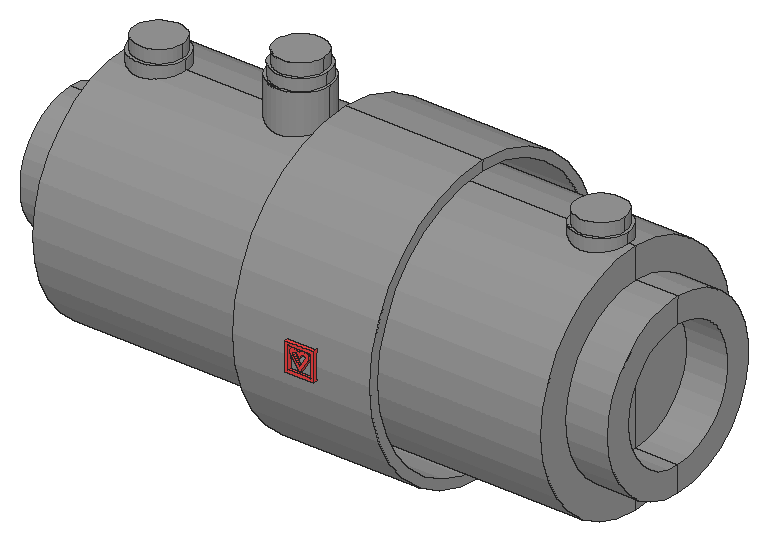
Revit family "HERZ System Separator 0307 AG-IG", category Rohrzubehör, Revit 2019
Family settings
  Bemaßung runder Anschluss = Durchmesser verwenden
  Teiletyp = Unterbricht
  OmniClass-Nummer = 23.65.55.14
  OmniClass-Titel = Valves for Liquid Services
  Arbeitsebenenbasiert = Nein
  Immer vertikal = Ja
  Beim Laden mit Abzugskörper schneiden = Nein
  Gemeinsam genutzt = Nein
Parameters (values of type "AG-IG DN40-DN40")
  URL = "www.herzvalves.com"
  SCTWSEQ = "AW;SBT_TYP_AW=\"104\";2"
  SCTWCODE = "04;12;02"  # constant formula
  S03 = 15.000 mm  # constant formula
  S02 = 45.000 mm  # constant formula
  S01 = 98.000 mm  # constant formula
  Nennweite Ein [instance] = if(AG_IG_DN40_DN40, 40.000 mm, if(AG_IG_DN40_DN50, 40.000 mm, if(AG_IG_DN50_DN40, 50.000 mm, if(AG_IG_DN50_DN50, 50.000 mm, 0.000 mm))))  # 40.000 mm
  Nennweite Aus [instance] = if(AG_IG_DN40_DN40, 40.000 mm, if(AG_IG_DN40_DN50, 50.000 mm, if(AG_IG_DN50_DN40, 40.000 mm, if(AG_IG_DN50_DN50, 50.000 mm, 0.000 mm))))  # 40.000 mm
  Model = "The backflow preventer has been developed in accordance with the standard DIN EN 1717.\r\nAccording to this standard, the water quality is divided up into 5 classes depending on the degree of contamination.\r\nBackflow preventers of type BA provide protection against non-drinking water up to hazard class 4.\r\nThis is the highest hazard class that may be safeguarded with a valve.\r\nSafeguarding a standpipe with a lower form of protection than a system separator of type BA per DIN EN 1717 is no longer reflective of current engineering practice and the operator is therefore liable in the event of damage with such a standpipe.\r\nThe functional unit is designed as a single-piece cartridge with large-dimension control piston and pressure surge-damped discharge valve system.\r\nThreaded connections are mutually interchangeable, whereby 16 possible connection variants exist (intake and outlet side available in 1 1/2\" inner or outer thread, alternatively in 2\" inner or outer thread)."
  Medium = "Water (without steam)"  # constant formula
  Max. permissible temperature (short-term) = 80 °C  # constant formula
  Max. operating temperature = 65 °C  # constant formula
  Max. operating pressure = 1000000.0 Pa  # constant formula
  L07 = 24.500 mm  # constant formula
  L06 = 73.000 mm  # constant formula
  L05 = 28.000 mm  # constant formula
  L04 = 13.500 mm  # constant formula
  L03 = 87.500 mm  # constant formula
  L02 = 18.000 mm  # constant formula
  L01 = 193.000 mm  # constant formula
  Note = "Pursuant to Article 33 of the REACH Regulation (EC No. 1907/2006), we are obliged to point out that the material lead is listed on the SVHC list and that all brass components manufactured in our products exceed 0.1% (w / w) lead (CAS: 7439-92-1 / EINECS: 231-100-4).\r\nSince lead is a component part of an alloy, actual exposure is not possible and therefore no additional information on safe use is necessary."
  Installation position = "Horizontal or perpendicular pointing downwards"  # constant formula
  Hersteller = "HERZ Armaturen Ges.m.b.H."  # constant formula
  D03 [instance] = if(AG_IG_DN40_DN40, 28.000 mm, if(AG_IG_DN40_DN50, 33.000 mm, if(AG_IG_DN50_DN40, 28.000 mm, if(AG_IG_DN50_DN50, 33.000 mm, 0.000 mm))))  # 28.000 mm
  D02 = 45.000 mm  # constant formula
  D01 = 37.500 mm  # constant formula
  Body = "stainless steel"  # constant formula
  Part number [instance] = if(AG_IG_DN40_DN40, "I030704", if(AG_IG_DN40_DN50, "I030712", if(AG_IG_DN50_DN40, "I030716", if(AG_IG_DN50_DN50, "I030708", "0"))))  # "I030704"
  Application = "The backflow preventer is an economical solution for retrofitting to standpipes that are required to have a mandatory safety valve according to DIN EN 1717 for preventing the back-suction, back-flowing or back-pressuring of non-drinking water into the drinking water line.\r\nThe backflow preventer is suitable for horizontal installation.\r\nIt can also be fitted perpendicular, although only pointing downwards.\r\nIt is not approved for installation in a riser."
  AG_IG_DN50_DN50 = no
  AG_IG_DN50_DN40 = no
  AG_IG_DN40_DN50 = no
  AG_IG_DN40_DN40 = yes
  IG Aus [instance] = Nennweite Aus / 2  # 20.000 mm
  AG Ein [instance] = Nennweite Ein / 2  # 20.000 mm
Types (5, lengths in mm): name | Nennweite Ein | Nennweite Aus | D03 | Part number | AG_IG_DN50_DN50 | AG_IG_DN50_DN40 | AG_IG_DN40_DN50 | AG_IG_DN40_DN40 | IG Aus | AG Ein
  (no name) | 40.000 | 40.000 | 28.000 | "I030704" | no | no | no | yes | 20.000 | 20.000
  AG-IG DN40-DN50 | 40.000 | 50.000 | 33.000 | "I030712" | no | no | yes | no | 25.000 | 20.000
  AG-IG DN40-DN40 | 40.000 | 40.000 | 28.000 | "I030704" | no | no | no | yes | 20.000 | 20.000
  AG-IG DN50-DN50 | 50.000 | 50.000 | 33.000 | "I030708" | yes | no | no | no | 25.000 | 25.000
  AG-IG DN50-DN40 | 50.000 | 40.000 | 28.000 | "I030716" | no | yes | no | no | 20.000 | 25.000
Reference planes
  plane 1 "Mitte (Vorne/hinten)": y = 0
  plane 2: z = 0
  plane 3 "Mitte (Links/rechts)": x = 0
Forms (mm)
  Revolve 1, solid, material "Messing, weicher Gelbton, geschweißt", detail levels fine
    sketch origin (0, 0, 0) x (1, 0, 0) y (0, 0, 1)
      loop
        line (-96.5, 0) -> (83, 0) -> (83, 20) -> (96.5, 20) -> (96.5, 28) -> (83, 28) -> (83, 37.5) -> (-78.5, 37.5) -> (-78.5, 20) -> (-96.5, 20) -> (-96.5, 0)
      axis (-96.5, 0) -> (96.5, 0)
    angle from 0 to 360
  Revolve 2, solid, material "Acetalharz, Schwarz", detail levels fine
    sketch origin (0, 0, 0) x (1, 0, 0) y (0, 0, 1)
      loop
        line (-9, 0) -> (1.5, 0) -> (1.5, 42) -> (34.5, 42) -> (34.5, 45) -> (-9, 45) -> (-9, 0)
      axis (-9, 0) -> (34.5, 0)
    angle from 0 to 360
  Extrusion 3, solid, material "Messing, weicher Gelbton, geschweißt", detail levels fine
    sketch origin (0, 0, 0) x (1, 0, 0) y (0, 1, 0)
      loop
        circle (-68.5, 0) r 8.5
      loop
        circle (72, 0) r 8.5
    from 0 to 40.5
  Extrusion 4, solid, material "Acetalharz, Schwarz", detail levels fine
    sketch origin (0, 0, 0) x (1, 0, 0) y (0, 1, 0)
      loop
        circle (-68.5, 0) r 7.5
      loop
        circle (72, 0) r 7.5
    from 40.5 to 44.5
  Extrusion 5, solid, material "Messing, weicher Gelbton, geschweißt", detail levels fine
    sketch origin (0, 0, 0) x (1, 0, 0) y (0, 1, 0)
      loop
        circle (-23.5, 0) r 9.3
    from 0 to 49
  Extrusion 6, solid, material "Messing, weicher Gelbton, geschweißt", detail levels fine
    sketch origin (0, 0, 0) x (1, 0, 0) y (0, 1, 0)
      loop
        circle (-23.5, 0) r 8.5
    from 49 to 52.5
  Extrusion 7, solid, material "Acetalharz, Schwarz", visible <- "AG_IG_DN40_DN50", detail levels fine
    sketch origin (0, 0, 0) x (1, 0, 0) y (0, 1, 0)
      loop
        circle (-23.5, 0) r 7.5
    from 52.5 to 56.5
  Extrusion 8, solid, material "Acetalharz, Schwarz", visible <- "AG_IG_DN40_DN40", detail levels fine
    sketch origin (0, 0, 0) x (1, 0, 0) y (0, 1, 0)
      loop
        circle (-23.5, 0) r 7.5
    from 52.5 to 56.4
  Extrusion 9, solid, material "Acetalharz, Schwarz", visible <- "AG_IG_DN50_DN50", detail levels fine
    sketch origin (0, 0, 0) x (1, 0, 0) y (0, 1, 0)
      loop
        circle (-23.5, 0) r 7.5
    from 52.5 to 56.3
  Extrusion 10, solid, material "Acetalharz, Schwarz", visible <- "AG_IG_DN50_DN40", detail levels fine
    sketch origin (0, 0, 0) x (1, 0, 0) y (0, 1, 0)
      loop
        circle (-23.5, 0) r 7.5
    from 52.5 to 56.2
Lines and regions (mm)
  model lines, detail levels coarse+medium
    curve 1: line (-96.5, 0, 37.5) -> (96.5, 0, 37.5)
    curve 2: line (-96.5, 0, -37.5) -> (-96.5, 0, 37.5)
    curve 3: line (96.5, 0, -37.5) -> (-96.5, 0, -37.5)
    curve 4: line (96.5, 0, 37.5) -> (96.5, 0, -37.5)
    curve 5: line (-96.5, 0, -22.5) -> (-51.5, 0, -22.5)
    curve 6: line (-1.5, 0, -22.5) -> (96.5, 0, -22.5)
    curve 7: line (-96.5, 0, 22.5) -> (-51.5, 0, 22.5)
    curve 8: line (-1.5, 0, 22.5) -> (96.5, 0, 22.5)
    curve 9: line (-96.5, 37.5, 0) -> (96.5, 37.5, 0)
    curve 10: line (-96.5, -37.5, 0) -> (-96.5, 37.5, 0)
    curve 11: line (96.5, -37.5, 0) -> (-96.5, -37.5, 0)
    curve 12: line (96.5, 37.5, 0) -> (96.5, -37.5, 0)
    curve 13: line (-96.5, 22.5, 0) -> (-51.5, 22.5, 0)
    curve 14: line (-1.5, 22.5, 0) -> (96.5, 22.5, 0)
    curve 15: line (-96.5, -22.5, 0) -> (-51.5, -22.5, 0)
    curve 16: line (-1.5, -22.5, 0) -> (96.5, -22.5, 0)
Dimensions and locks
  "L04": Revolve 1 sketch curve to Revolve 1 sketch curve
  "L02": Revolve 1 sketch curve to Revolve 1 sketch curve
  "L01": Revolve 1 sketch curve to Revolve 1 sketch curve
  equal spacing: Revolve 1 sketch curve, plane 3 "Mitte (Links/rechts)", Revolve 1 sketch curve
  "AG Ein": Revolve 1 sketch curve to plane 2
  "D01": Revolve 1 sketch curve to plane 2
  "L03": Revolve 1 to Revolve 2 sketch curve
  equal spacing: curve 4, plane 3 "Mitte (Links/rechts)", curve 2
  "L01": curve 4 to curve 2
  "D01": curve 1 to plane 2 to curve 3
  "S03": curve 5 to curve 3
  "S03": curve 1 to curve 7
  "S03": curve 1 to curve 8
  "S03": curve 6 to curve 3
  "S02": curve 5 to curve 2
  "S02": curve 7 to curve 2
  "S01": curve 8 to curve 4
  "S01": curve 6 to curve 4
  equal spacing: curve 10, plane 3 "Mitte (Links/rechts)", curve 12
  "L01": curve 10 to curve 12
  "D01": curve 11 to plane 1 "Mitte (Vorne/hinten)" to curve 9
  "S03": curve 13 to curve 9
  "S03": curve 11 to curve 15
  "S03": curve 14 to curve 9
  "S03": curve 11 to curve 16
  "S01": curve 14 to curve 12
  "S01": curve 16 to curve 12
  "S02": curve 10 to curve 15
  "S02": curve 10 to curve 13
  "D02": Revolve 2 sketch curve to Revolve 2 sketch curve
  equal spacing: Revolve 2, nested 1, Revolve 2
  "D02": nested 1 to plane 1 "Mitte (Vorne/hinten)"
  "D03": Revolve 1 sketch curve to plane 2
  "IG Aus": Revolve 1 sketch curve to plane 2
  "L05": Revolve 1 to Extrusion 3 sketch curve
  "L05": Revolve 1 to Extrusion 4 sketch curve
  "L06": Revolve 1 to Extrusion 5 sketch curve
  "L06": Revolve 1 to Extrusion 6 sketch curve
  "L06": Revolve 1 to Extrusion 10 sketch curve
  "L06": Revolve 1 to Extrusion 9 sketch curve
  "L06": Revolve 1 to Extrusion 8 sketch curve
  "L06": Revolve 1 to Extrusion 7 sketch curve
  "L07": Extrusion 3 sketch curve to Revolve 1
  "L07": Extrusion 4 sketch curve to Revolve 1
  aligned and locked: level to plane 2
Automatic sketch dimensions
  Revolve 1 sketch curve to level = 0.000 mm  (x2)
  Revolve 1 sketch curve to Revolve 1 sketch curve = 0.000 mm
  Revolve 1 sketch curve to Revolve 1 sketch curve = 1408.530 mm
  Revolve 1 sketch curve to Revolve 1 sketch curve = 1741.148 mm
  Revolve 2 sketch curve to level = 0.000 mm  (x2)
  plane 3 "Mitte (Links/rechts)" to Revolve 2 sketch curve = 1.500 mm
  Revolve 2 sketch curve to Revolve 2 sketch curve = 33.000 mm
  Revolve 2 sketch curve to Revolve 2 sketch curve = 3.000 mm
  Revolve 2 sketch curve to Revolve 2 sketch curve = 1496.030 mm
  Revolve 2 sketch curve to Revolve 2 sketch curve = 1804.648 mm
  plane 1 "Mitte (Vorne/hinten)" to Extrusion 3 sketch curve = 0.000 mm  (x2)
  plane 1 "Mitte (Vorne/hinten)" to Extrusion 4 sketch curve = 0.000 mm  (x2)
  plane 1 "Mitte (Vorne/hinten)" to Extrusion 5 sketch curve = 0.000 mm
  plane 1 "Mitte (Vorne/hinten)" to Extrusion 6 sketch curve = 0.000 mm
  plane 1 "Mitte (Vorne/hinten)" to Extrusion 7 sketch curve = 0.000 mm
  plane 1 "Mitte (Vorne/hinten)" to Extrusion 8 sketch curve = 0.000 mm
  plane 1 "Mitte (Vorne/hinten)" to Extrusion 9 sketch curve = 0.000 mm
  plane 1 "Mitte (Vorne/hinten)" to Extrusion 10 sketch curve = 0.000 mm
  radius of Extrusion 3 sketch curve = 8.500 mm  (x2)
  radius of Extrusion 4 sketch curve = 7.500 mm  (x2)
  radius of Extrusion 5 sketch curve = 9.300 mm
  radius of Extrusion 6 sketch curve = 8.500 mm
  radius of Extrusion 7 sketch curve = 7.500 mm
  radius of Extrusion 8 sketch curve = 7.500 mm
  radius of Extrusion 9 sketch curve = 7.500 mm
  radius of Extrusion 10 sketch curve = 7.500 mm
Nested families
  nested 1: "Herz-Logo-vorne" at (12.75, -45, 0) x (0, 1, 0) z (0, 0, 1), type "Herz-Logo-vorne", detail levels fine
Connectors
  piping at (-96.5, 0, 0), diameter 40, driven by "Nennweite Ein"
    settings: on Revolve 1, index 2, connector inside diameter 609.6 mm, connector length 0.000 mm, flow factor 0, pipe flow 0.0 L/s, pressure drop 0.0 Pa, fitting loss kfactor 0, connector angle 0.00°, fixture units 0, engagement length 0.000 mm, angle of deflection 0.00°, flow configuration 0, flow direction 1, fitting loss method 0, system type 29, joint type 0, gender type 0, connector reference index -1, connector utility 0, adjustable connector no, is connector primary yes, connector description ""
  piping at (83, 0, 0), diameter 40, driven by "Nennweite Aus"
    settings: on Revolve 1, index 3, connector inside diameter 609.6 mm, connector length 0.000 mm, flow factor 0, pipe flow 0.0 L/s, pressure drop 0.0 Pa, fitting loss kfactor 0, connector angle 0.00°, fixture units 0, engagement length 0.000 mm, angle of deflection 0.00°, flow configuration 0, flow direction 2, fitting loss method 0, system type 29, joint type 0, gender type 0, connector reference index -1, connector utility 0, adjustable connector no, is connector primary no, connector description ""
Definition of nested family "Herz-Logo-vorne"
  Reference planes
    plane 1 "Mitte (Vorne/hinten)": y = 0
    plane 2: z = 0
    plane 3 "Mitte (Links/rechts)": x = 0
  Forms (mm)
    Extrusion 1, solid
      sketch origin (0.732, -0.018, 0.017) x (0, -1, 0) y (0, 0, 1)
        loop
          line (-0.018, -4.517) -> (4.482, -4.517) -> (4.482, 4.483) -> (-4.518, 4.483) -> (-4.518, -4.517) -> (-0.018, -4.517)
        loop
          line (-0.05, -3.48) -> (3.482, -3.48) -> (3.482, 3.483) -> (-3.518, 3.483) -> (-3.518, -3.48) -> (-0.05, -3.48)
        loop
          arc (-0.018, 2.383) -> (-1.543, 3.287) -> (-3.067, 2.383) r 1.738
          arc (-3.067, 2.383) -> (-3.191, 1.899) -> (-3.067, 1.415) r 1.009
          line (-3.067, 1.415) -> (-0.018, -3.281) -> (3.032, 1.415)
          arc (3.032, 1.415) -> (3.156, 1.899) -> (3.032, 2.383) r 1.009
          arc (3.032, 2.383) -> (1.507, 3.287) -> (-0.018, 2.383) r 1.738
        loop
          arc (1.885, 1.272) -> (2.005, 1.675) -> (1.885, 2.079) r 0.74
          arc (1.885, 2.079) -> (1.265, 2.416) -> (0.644, 2.079) r 0.74
          line (0.644, 2.079) -> (-0.018, 0.97) -> (-0.679, 2.079)
          arc (-0.679, 2.079) -> (-1.3, 2.416) -> (-1.921, 2.079) r 0.74
          arc (-1.921, 2.079) -> (-2.04, 1.675) -> (-1.921, 1.272) r 0.74
          line (-1.921, 1.272) -> (-0.018, -1.658) -> (1.885, 1.272)
      from 0 to 1.5
  Dimensions and locks
    aligned and locked: level to plane 2
